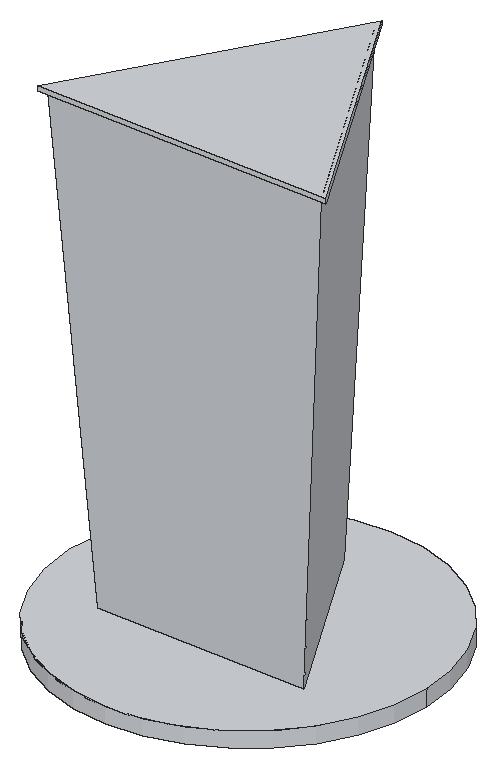
Revit family "Climbing Tower", category Generic Models, Revit 2025
Family settings
  Can host rebar = No
  Round Connector Dimension = Use Diameter
  Part Type = Normal
  Work Plane-Based = No
  Always vertical = Yes
  Cut with Voids When Loaded = No
  Maintain Annotation Orientation = No
  Shared = No
  Room Calculation Point = No
Parameters
  Tower_Top_Radio = 4000 mm
  Tower_Material = none
  Tower_Height = 12000 mm
  Tower_Base_Radio = 3000 mm
  Total_Facade_Surface = (((Side_Base + Side_Top) / 2) * Sloped_Height) * 3  # 218.428 m²
  Sloped_Height = sqrt(Tower_Height ^ 2 + (Apothema_Top - Apothema_Base) ^ 2)  # 12010.412 mm
  Side_Top = Tower_Top_Radio * 1.7321  # 6928.2 mm
  Side_Base = Tower_Base_Radio * 1.7321  # 5196.15 mm
  Facade_Panel_Number = Total_Facade_Surface / Area_By_Panel  # 70
  Default Elevation = 0 mm
  Canopy_Top_Elevation = Tower_Height + Canopy_Thickness  # 12100 mm
  Canopy_Thickness = 100 mm
  Canopy_Radio = 2100 mm
  Canopy_Overhang = 1000 mm
  Base_Radius = 4500 mm
  Base_Material = none
  Area_By_Panel = 3.125 m²
  Apothema_Top = Tower_Top_Radio / 2  # 2000 mm
  Apothema_Canopy = 2000 mm
  Apothema_Base = Tower_Base_Radio / 2  # 1500 mm
Reference planes
  plane 1 "Center (Front/Back)": y = 0
  plane 2: z = 0
  plane 3 "Center (Left/Right)": x = 0
Forms (mm)
  Extrusion 1, solid, material <- "Base_Material"
    sketch origin (0, 0, 0) x (1, 0, 0) y (0, 1, 0)
      loop
        circle (0, 0) r 4500
    from 0 to 400
  Blend 2, solid, material <- "Tower_Material"
    base sketch origin (0, 0, 0) x (1, 0, 0) y (0, 1, 0)
      loop
        line (0, 3000) -> (-2598.076, -1500) -> (2598.076, -1500) -> (0, 3000)
    top sketch origin (0, 0, 0) x (1, 0, 0) y (0, 1, 0)
      loop
        line (0, 4000) -> (-3464.102, -2000) -> (3464.102, -2000) -> (0, 4000)
    from 400 to 12000 <- "Tower_Height"
  Extrusion 3, solid
    sketch origin (0, 0, 0) x (1, 0, 0) y (0, 1, 0)
      loop
        line (0, 4200) -> (-3637.307, -2100) -> (3637.307, -2100) -> (0, 4200)
    from 12000 <- "Tower_Height" to 12100 <- "Canopy_Top_Elevation"
Dimensions and locks
  "Tower_Base_Radio": plane 1 "Center (Front/Back)" to Blend 2 sketch curve
  "Apothema_Base": Blend 2 sketch curve to plane 1 "Center (Front/Back)"
  "Tower_Top_Radio": plane 1 "Center (Front/Back)" to Blend 2 sketch curve
  "Apothema_Top": Blend 2 sketch curve to plane 1 "Center (Front/Back)"
  "Canopy_Radio": Extrusion 3 sketch curve to plane 1 "Center (Front/Back)"
  "Base_Radius": radius of Extrusion 1 sketch curve
  locked: Blend 2 sketch curve to Blend 2 sketch curve (angle 60.00°)  (x4)
  locked: Extrusion 3 sketch curve to Extrusion 3 sketch curve (angle 60.00°)  (x2)
  aligned and locked: level to plane 2
  aligned and locked: plane 3 "Center (Left/Right)" to Extrusion 1 sketch curve
  aligned and locked: plane 1 "Center (Front/Back)" to Extrusion 1 sketch curve
  aligned and locked: plane 3 "Center (Left/Right)" to Blend 2 sketch curve  (x2)
  aligned and locked: plane 3 "Center (Left/Right)" to Extrusion 3 sketch curve
Automatic sketch dimensions
  Extrusion 3 sketch curve to plane 3 "Center (Left/Right)" = 3637.307 mm
